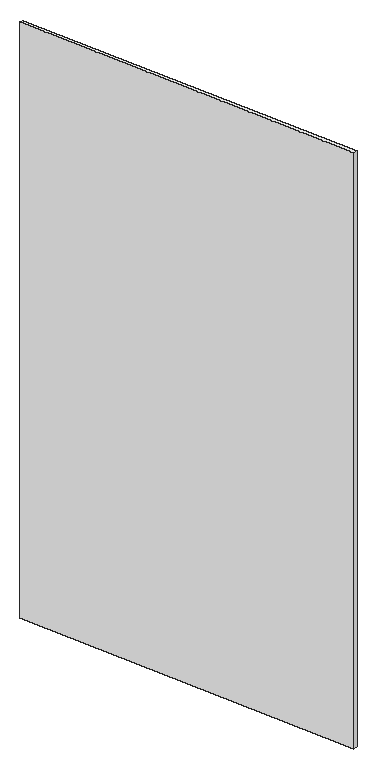
Revit family "Reece_Mirror_Posh_Domaine_Rectangle Mirror", category Casework, Revit 2018
Family settings
  Work Plane-Based = No
  Always vertical = No
  Cut with Voids When Loaded = Yes
  Shared = Yes
  Room Calculation Point = Yes
Parameters
  URL = "https://www.reece.com.au/product/-2304684"
  Type Comments = "Mirror"
  Reece_Product_Web Page = "https://www.reece.com.au/product/-2304684"
  Reece_Product_Type = "Mirror"  # constant formula
  Reece_Product_Sub Brand = "Domaine\r\n"  # constant formula
  Reece_Product_Number = "2304684"
  Reece_Product_Mount = "Wall Mounted"
  Reece_Product_Description = "Posh Domaine 500mm x 800mm Polished Edge Mirror"
  Reece_Product_Brand = "Posh\r\n"  # constant formula
  Reece_Overall_Width = 500 mm
  Reece_Overall_Length = 800 mm  # constant formula
  Reece_Overall_Depth = 4.8 mm  # constant formula
  Reece_Material_Main = Reece_Glass_Mirror
  Reece_Height_From_Level [instance] = 1000 mm
  Reece_Detail_Shape = ""
  Reece_Detail_Installation = ""
  Reece_Detail_Disclaimer = "THIS FILE IS THE PROPERTY OF THE REECE GROUP. IT MAY NOT BE REPRODUCED, REVERSE-ENGINEERED OR MODIFIED. ANY REPUBLICATION, TRANSMISSION OR DISTRIBUTION FOR THE PURPOSE OF COMMERCIALLY EXPLOITING THE FILES IS PROHIBITED."  # constant formula
  Reece_Detail_Connector = ""
  Reece_Detail_Additional = ""
  Model = "Domaine\r\n"
  Manufacturer = "Posh\r\n"
  Keynote = "Product #2304684, Reece_Mirror_Posh_Domaine_Rectangle Mirror -  "
  Disclaimer = "THIS FILE IS THE PROPERTY OF THE REECE GROUP. IT MAY NOT BE REPRODUCED, REVERSE-ENGINEERED OR MODIFIED. ANY REPUBLICATION, TRANSMISSION OR DISTRIBUTION FOR THE PURPOSE OF COMMERCIALLY EXPLOITING THE FILES IS PROHIBITED."  # constant formula
  Description = "Posh Domaine 500mm x 800mm Polished Edge Mirror"
Types (6, lengths in mm): name | URL | Reece_Product_Web Page | Reece_Product_Number | Reece_Product_Description | Reece_Overall_Width | Keynote | Description
  (no name) | "https://www.reece.com.au/product/-2304684" | "https://www.reece.com.au/product/-2304684" | "2304684" | "Posh Domaine 500mm x 800mm Polished Edge Mirror" | 500 | "Product #2304684, Reece_Mirror_Posh_Domaine_Rectangle Mirror -  " | "Posh Domaine 500mm x 800mm Polished Edge Mirror"
  500 mm x 800 mm x 4.8 mm | "https://www.reece.com.au/product/-2304684" | "https://www.reece.com.au/product/-2304684" | "2304684" | "Posh Domaine 500mm x 800mm Polished Edge Mirror" | 500 | "Product #2304684, Reece_Mirror_Posh_Domaine_Rectangle Mirror - 500 mm x 800 mm x 4.8 mm" | "Posh Domaine 500mm x 800mm Polished Edge Mirror"
  600 mm x 800 mm x 4.8 mm | "https://www.reece.com.au/product/-2304685" | "https://www.reece.com.au/product/-2304685" | "2304685" | "Posh Domaine 600mm x 800mm Polished Edge Mirror" | 600 | "Product #2304685, Reece_Mirror_Posh_Domaine_Rectangle Mirror - 600 mm x 800 mm x 4.8 mm" | "Posh Domaine 600mm x 800mm Polished Edge Mirror"
  750 mm x 800 mm x 4.8 mm | "https://www.reece.com.au/product/-2304686" | "https://www.reece.com.au/product/-2304686" | "2304686" | "Posh Domaine 750mm x 800mm Polished Edge Mirror" | 750 | "Product #2304686, Reece_Mirror_Posh_Domaine_Rectangle Mirror - 750 mm x 800 mm x 4.8 mm" | "Posh Domaine 750mm x 800mm Polished Edge Mirror"
  900 mm x 800 mm x 4.8 mm | "https://www.reece.com.au/product/-2304687" | "https://www.reece.com.au/product/-2304687" | "2304687" | "Posh Domaine 900mm x 800mm Polished Edge Mirror" | 900 | "Product #2304687, Reece_Mirror_Posh_Domaine_Rectangle Mirror - 900 mm x 800 mm x 4.8 mm" | "Posh Domaine 900mm x 800mm Polished Edge Mirror"
  1200 mm x 800 mm x 4.8 mm | "https://www.reece.com.au/product/-2304688" | "https://www.reece.com.au/product/-2304688" | "2304688" | "Posh Domaine 1200mm x 800mm Polished Edge Mirror" | 1200 | "Product #2304688, Reece_Mirror_Posh_Domaine_Rectangle Mirror - 1200 mm x 800 mm x 4.8 mm" | "Posh Domaine 1200mm x 800mm Polished Edge Mirror"
Reference planes
  plane 1 "Center (Front/Back)": y = 0
  plane 2 "Bottom of Mirror": z = 1000
  plane 3 "Center (Left/Right)": x = 0
  plane 4: x = -250
  plane 5: x = 250
  plane 6 "Top Host Plane": z = 1800
  plane 7: z = 1400
  plane 8: y = -4.8
  plane 9: z = -5
Forms (mm)
  Extrusion 1, solid, material "Reece_Glass_Mirror" <- "Reece_Material_Main"
    sketch origin (0, 0, 0) x (1, 0, 0) y (0, 0, 1)
      loop
        line (-250, 1800) -> (-250, 1000) -> (250, 1000) -> (250, 1800) -> (-250, 1800)
    from 0 to 4.8
Lines and regions (mm)
  model lines, style "InvisibleLines"
    curve 1: line (0, 0, 1000) -> (0, 0, -5)
Text (mm)
  text "Reece ©" at (1937.653, -2744.877, 3334.282), in view "Reece Preview"
  text "Reece Copyright © 2018, Reece Ltd." at (-423.455, -426.518, 0), in view "Ref. Level"
Dimensions and locks
  equal spacing: plane 6 "Top Host Plane", plane 7, plane 2 "Bottom of Mirror"
  "Reece_Overall_Length": plane 6 "Top Host Plane" to plane 2 "Bottom of Mirror"
  equal spacing: plane 5, plane 3 "Center (Left/Right)", plane 4
  "Reece_Overall_Width": plane 5 to plane 4
  "Reece_Overall_Depth": plane 8 to plane 1 "Center (Front/Back)"
  locked: plane 9 to level at 5
  "Reece_Height_From_Level": plane 2 "Bottom of Mirror" to level
  "Reece_Overall_Width": plane 4 to Extrusion 1
  aligned and locked: plane 9 to curve 1
  aligned and locked: plane 2 "Bottom of Mirror" to curve 1
Automatic sketch dimensions
  Extrusion 1 sketch curve to plane 2 "Bottom of Mirror" = 0 mm
  Extrusion 1 sketch curve to plane 4 = 0 mm
  plane 5 to Extrusion 1 sketch curve = 0 mm
  Extrusion 1 sketch curve to plane 6 "Top Host Plane" = 0 mm
  curve 1 to plane 3 "Center (Left/Right)" = 0 mm
